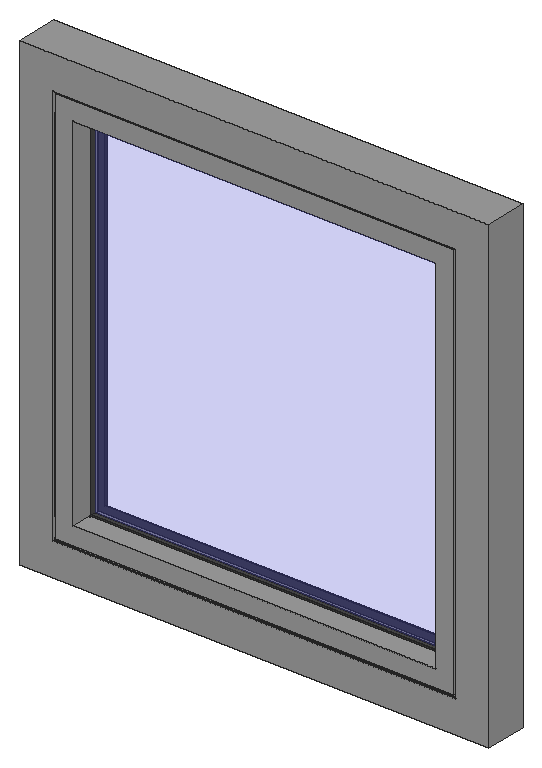
Revit family "SS_3250_LAP OP001_v02", category Windows, host Wall, Revit 2015
Parameters
  Wall Thickness [instance] = 0' - 6"
  URL = "obe.com"
  Rough Width = Width + 0' 0 1/2"  # 3' - 0 1/2"
  Rough Height = Height + 0' 0 1/2"  # 3' - 0 1/2"
  Offset Limitation [instance] = if((Offset + 0' 3 1/4") > Wall Thickness, (Wall Thickness - 0' 3 1/4"), Offset)  # 0' - 0"
  Offset [instance] = 0' - 0"
  Model = "SS_3250_LAP OP001"
  Manufacturer = "Oldcastle BuildingEnvelope®"
  Keynote = "08 51 00"
  Height = 3' - 0"
  Glass = Glass
  Gasket = Gasket
  Frame Material = Aluminium
  Description = "SIGNITURE SERIES 3.25 LAP"
  Default Sill Height = 3' - 0"
  Wall Closure = By host
  Width = 3' - 0"
  Assembly Code = "B2020"
Reference planes (in)
  plane 1 "Center (Front/Back)": y = 0
  plane 2: z = 0
  plane 3 "Center (Left/Right)": x = 0.25
  plane 4 "Left": x = -18
  plane 5 "Right": x = 18.5
  plane 6 "Sill": z = 36
  plane 7 "Top": z = 72.5
  plane 8 "Offset": y = 3
  plane 9: x = 18.25
  plane 10: z = 72.25
  plane 11: x = -17.75
  plane 12: z = 36.25
  plane 13: z = 39.49948
  plane 14: z = 69.00052
  plane 15 "EXT": y = 2.69269
Forms (in)
  Sweep 1, solid, material "Aluminium" <- "Frame Material"
    path origin (0, 3, 0) x (-1, 0, 0) y (0, 0, 1)
      loop
        line (17.75, 36) -> (17.75, 72.5)
    profile origin (-17.75, 3, 54.25) x (1, 0, 0) y (0, 1, 0)
      loop
        line (-0.25, -3.25) -> (2.3125, -3.25) -> (2.3125, -3.17) -> (1.375, -3.17) -> (1.375, 0) -> (-0.25, 0) -> (-0.25, -3.25)
  Sweep 2, solid, material "Aluminium" <- "Frame Material"
    path origin (0, 3, 0) x (-1, 0, 0) y (0, 0, 1)
      loop
        line (-18.25, 36) -> (-18.25, 72.5)
    profile origin (18.25, 3, 54.25) x (1, 0, 0) y (0, 1, 0)
      loop
        line (0.25, -3.25) -> (0.25, 0) -> (-1.36814, 0) -> (-1.36814, -3.17) -> (-2.3125, -3.17) -> (-2.3125, -3.25) -> (0.25, -3.25)
  Sweep 3, solid, material "Aluminium" <- "Frame Material"
    path origin (0, 3, 0) x (-1, 0, 0) y (0, 0, 1)
      loop
        line (-18.5, 72.25) -> (18, 72.25)
    profile origin (0.25, 3, 72.25) x (0, 0, 1) y (0, 1, 0)
      loop
        line (0.25, -3.25) -> (0.25, 0) -> (-1.36814, 0) -> (-1.36814, -3.17) -> (-2.3125, -3.17) -> (-2.3125, -3.25) -> (0.25, -3.25)
  Sweep 4, solid, material "Aluminium" <- "Frame Material"
    path origin (0, 3, 0) x (-1, 0, 0) y (0, 0, 1)
      loop
        line (18, 36.25) -> (-18.5, 36.25)
    profile origin (0.25, 3, 36.25) x (0, 0, -1) y (0, 1, 0)
      loop
        line (0.25, -3.24905) -> (0.25, 0) -> (-1.37501, 0) -> (-1.37501, -3.17048) -> (-2.31156, -3.17048) -> (-2.31156, -3.24905) -> (0.25, -3.24905)
  Extrusion 5, solid, material "Glass" <- "Glass"
    sketch origin (0, 0, 36) x (0, -1, 0) y (1, 0, 0)
      loop
        line (-2.69269, -14.50052) -> (-1.69269, -14.50052) -> (-1.69269, 15.00052) -> (-2.69269, 15.00052) -> (-2.69269, -14.50052)
    from 3.49948 to 33.00052
  Sweep 6, solid, material "Gasket" <- "Gasket", detail levels fine
    path origin (0, 3, 0) x (-1, 0, 0) y (0, 0, 1)
      loop
        line (-14.37552, 68.37552) -> (-14.37552, 40.12448) -> (13.87552, 40.12448) -> (13.87552, 68.37552) -> (-14.37552, 68.37552)
    profile origin (0.25, 3, 68.37552) x (0, 0, 1) y (0, 1, 0)
      loop
        line (-0.15422, -0.30731) -> (0.34093, -0.30731) -> (0.34093, -0.18231) -> (-0.014, -0.18231) -> (-0.014, -0.03319) -> (-0.05125, -0.04456) -> (-0.15422, -0.30731)
      loop
        line (-0.125, -1.30731) -> (-0.03895, -1.58731) -> (-0.00014, -1.58731) -> (-0.01214, -1.50731) -> (0.16121, -1.50731) -> (0.23207, -1.41979) -> (0.37098, -1.30731) -> (-0.125, -1.30731)
  Sweep 7, solid, material "Aluminium" <- "Frame Material"
    path origin (0, 3, 0) x (-1, 0, 0) y (0, 0, 1)
      loop
        line (17.75, 71.11606) -> (17.75, 37.38394)
    profile origin (-17.75, 3, 54.25) x (0, 1, 0) y (-1, 0, 0)
      loop
        line (-0.00831, -3.87448) -> (-0.00831, -2.99948) -> (0.32169, -2.99948) -> (0.32169, -1.13394) -> (0, -1.13394) -> (0, -2.01977) -> (-3.09, -2.01977) -> (-3.09, -2.49948) -> (-3.25, -2.49948) -> (-3.25, -3.87448) -> (-1.50731, -3.87448) -> (-1.50731, -3.24948) -> (-0.18231, -3.24948) -> (-0.18231, -3.87448) -> (-0.00831, -3.87448)
  Sweep 8, solid, material "Aluminium" <- "Frame Material"
    path origin (0, 3, 0) x (-1, 0, 0) y (0, 0, 1)
      loop
        line (-18.25, 71.11606) -> (-18.25, 37.38394)
    profile origin (18.25, 3, 54.25) x (0, 1, 0) y (-1, 0, 0)
      loop
        line (-0.00831, 3.87448) -> (-0.18231, 3.87448) -> (-0.18231, 3.24948) -> (-1.50731, 3.24948) -> (-1.50731, 3.87448) -> (-3.25, 3.87448) -> (-3.25, 2.49948) -> (-3.09, 2.49948) -> (-3.09, 2.01977) -> (0, 2.01977) -> (0, 1.13394) -> (0.32169, 1.13394) -> (0.32169, 2.99948) -> (-0.00831, 2.99948) -> (-0.00831, 3.87448)
  Sweep 9, solid, material "Aluminium" <- "Frame Material"
    path origin (0, 3, 0) x (-1, 0, 0) y (0, 0, 1)
      loop
        line (-17.11606, 72.25) -> (16.61606, 72.25)
    profile origin (0.25, 3, 72.25) x (0, 0, 1) y (0, 1, 0)
      loop
        line (-2.99948, 0.32169) -> (-2.99948, -0.00831) -> (-3.87448, -0.00831) -> (-3.87448, -0.18231) -> (-3.24948, -0.18231) -> (-3.24948, -1.50731) -> (-3.87448, -1.50731) -> (-3.87448, -3.25) -> (-2.49948, -3.25) -> (-2.49948, -3.09) -> (-2.01977, -3.09) -> (-2.01977, 0) -> (-1.13394, 0) -> (-1.13394, 0.32169) -> (-2.99948, 0.32169)
  Sweep 10, solid, material "Aluminium" <- "Frame Material"
    path origin (0, 3, 0) x (-1, 0, 0) y (0, 0, 1)
      loop
        line (-17.11606, 36.25) -> (16.61606, 36.25)
    profile origin (0.25, 3, 36.25) x (0, 0, 1) y (0, 1, 0)
      loop
        line (2.99948, -0.00831) -> (2.99948, 0.32169) -> (1.13394, 0.32169) -> (1.13394, 0) -> (2.01978, 0) -> (2.01978, -3.09) -> (2.49976, -3.09) -> (2.49976, -3.24905) -> (3.87448, -3.24905) -> (3.87448, -1.50731) -> (3.24948, -1.50731) -> (3.24948, -0.18231) -> (3.87448, -0.18231) -> (3.87448, -0.00831) -> (2.99948, -0.00831)
  Sweep 11, void
    path origin (0, 3, 0) x (-1, 0, 0) y (0, 0, 1)
      loop
        line (-15.75052, 72.25) -> (-14.37552, 72.25)
    profile origin (15.06302, 3, 72.25) x (0, 0, 1) y (0, 1, 0)
      loop
        line (-2.49948, -3.25) -> (-2.3125, -3.25) -> (-2.3125, -3.09) -> (-2.49948, -3.09) -> (-2.49948, -3.25)
  Sweep 12, void
    path origin (0, 3, 0) x (-1, 0, 0) y (0, 0, 1)
      loop
        line (-18.5, 69.75052) -> (-18.5, 68.37552)
    profile origin (18.5, 3, 69.06302) x (0, 1, 0) y (-1, 0, 0)
      loop
        line (-3.09, 2.74948) -> (-3.25, 2.74948) -> (-3.25, 2.5625) -> (-3.09, 2.5625) -> (-3.09, 2.74948)
  Sweep 13, void
    path origin (0, 3, 0) x (-1, 0, 0) y (0, 0, 1)
      loop
        line (-18.25, 38.74976) -> (-18.25, 40.12448)
    profile origin (18.25, 3, 39.43712) x (1, 0, 0) y (0, 1, 0)
      loop
        line (-2.49948, -3.24909) -> (-2.314, -3.24909) -> (-2.314, -3.09) -> (-2.49948, -3.09) -> (-2.49948, -3.24909)
  Sweep 14, void
    path origin (0, 3, 0) x (-1, 0, 0) y (0, 0, 1)
      loop
        line (-15.75052, 36.25) -> (-14.37552, 36.25)
    profile origin (15.06302, 3, 36.25) x (0, 0, 1) y (0, 1, 0)
      loop
        line (2.49976, -3.24993) -> (2.49976, -3.09) -> (2.31156, -3.09) -> (2.31156, -3.24993) -> (2.49976, -3.24993)
  Sweep 15, void
    path origin (0, 3, 0) x (-1, 0, 0) y (0, 0, 1)
      loop
        line (13.87552, 36.25) -> (15.25052, 36.25)
    profile origin (-14.56302, 3, 36.25) x (0, 0, 1) y (0, 1, 0)
      loop
        line (2.49976, -3.09) -> (2.31156, -3.09) -> (2.31156, -3.24994) -> (2.49976, -3.24994) -> (2.49976, -3.09)
  Sweep 16, void
    path origin (0, 3, 0) x (-1, 0, 0) y (0, 0, 1)
      loop
        line (17.75, 38.74976) -> (17.75, 40.12448)
    profile origin (-17.75, 3, 39.43712) x (1, 0, 0) y (0, 1, 0)
      loop
        line (2.3125, -3.24987) -> (2.49948, -3.24987) -> (2.49948, -3.09) -> (2.3125, -3.09) -> (2.3125, -3.24987)
  Sweep 17, void
    path origin (0, 3, 0) x (-1, 0, 0) y (0, 0, 1)
      loop
        line (17.75, 69.75052) -> (17.75, 68.37552)
    profile origin (-17.75, 3, 69.06302) x (0, 1, 0) y (-1, 0, 0)
      loop
        line (-3.09, -2.3125) -> (-3.24987, -2.3125) -> (-3.24987, -2.49948) -> (-3.09, -2.49948) -> (-3.09, -2.3125)
  Sweep 18, void
    path origin (0, 3, 0) x (-1, 0, 0) y (0, 0, 1)
      loop
        line (13.87552, 72.25) -> (15.25052, 72.25)
    profile origin (-14.56302, 3, 72.25) x (0, 0, 1) y (0, 1, 0)
      loop
        line (-2.49948, -3.09) -> (-2.49948, -3.25) -> (-2.3125, -3.25) -> (-2.3125, -3.09) -> (-2.49948, -3.09)
  Sweep 19, void
    path origin (0, 3, 0) x (-1, 0, 0) y (0, 0, 1)
      loop
        line (-14.37552, 72.25) -> (-15.75052, 72.25)
    profile origin (15.06302, 3, 72.25) x (0, 0, -1) y (0, 1, 0)
      loop
        line (2.49948, -3.25) -> (2.49948, -3.09722) -> (2.314, -3.09722) -> (2.314, -3.25) -> (2.49948, -3.25)
Cuts and joins
  Sweep 11, Sweep 12, Sweep 13, Sweep 14, Sweep 15, Sweep 16, Sweep 17, Sweep 18 cuts Sweep 1
  Sweep 11, Sweep 12, Sweep 13, Sweep 14, Sweep 15, Sweep 16, Sweep 17, Sweep 18 cuts Sweep 2
  Sweep 11, Sweep 12, Sweep 13, Sweep 14, Sweep 15, Sweep 16, Sweep 17, Sweep 18 cuts Sweep 3
  Sweep 11, Sweep 12, Sweep 13, Sweep 14, Sweep 15, Sweep 16, Sweep 17, Sweep 18 cuts Sweep 4
  Sweep 11, Sweep 12, Sweep 13, Sweep 14, Sweep 15, Sweep 16, Sweep 17, Sweep 18 cuts Sweep 7
  Sweep 11, Sweep 12, Sweep 13, Sweep 14, Sweep 15, Sweep 16, Sweep 17, Sweep 18 cuts Sweep 8
  Sweep 11, Sweep 12, Sweep 13, Sweep 14, Sweep 15, Sweep 16, Sweep 17, Sweep 18 cuts Sweep 9
  Sweep 11, Sweep 12, Sweep 13, Sweep 14, Sweep 15, Sweep 16, Sweep 17, Sweep 18 cuts Sweep 10
  joined: Sweep 1, Sweep 2, Sweep 3, Sweep 4, Sweep 7, Sweep 8, Sweep 9, Sweep 10
Lines and regions (in)
  Opening 1
    outline origin (-60, -3, 0) x (1, 0, 0) y (0, 0, 1)
      loop
        line (42, 72.5) -> (42, 36) -> (78.5, 36) -> (78.5, 72.5) -> (42, 72.5)
  model lines, style "Opening Direction"
    curve 1: line (0.25, 2.69269, 68.37552) -> (14.37552, 2.69269, 40.12448)
    curve 2: line (0.25, 2.69269, 68.37552) -> (-13.87552, 2.69269, 40.12448)
Text (in)
  text "EXTERIOR" at (-58.6888, 50.90694, 0), in view "Ref. Level"
  text "INTERIOR" at (-58.6888, -37.76638, 0), in view "Ref. Level"
  text "Exterior" at (0, 43.65631, 123.19604), in view "Left"
  text "Exterior" at (0, 18.29385, 125.04747), in view "Right"
  text "Min Operable Size\n\n14\" width x 18\" height\n\n\n\nMax Operable Size\n\n72\" x 72\"\n\n\n\nMax Operable Area\n\n24 square feet" at (91.9935, 65.74376, 0), in view "Ref. Level"
Dimensions and locks (in)
  "Rough Width": plane 4 "Left" to plane 5 "Right"
  "Rough Height": plane 6 "Sill" to plane 7 "Top"
  "Default Sill Height": plane 2 to plane 6 "Sill"
  "Wall Thickness": host wall to host wall
  "Offset Limitation": host wall to plane 8 "Offset"
  locked: plane 9 to plane 5 "Right" at 0.25
  locked: plane 10 to plane 7 "Top" at 0.25
  "Height": plane 12 to plane 10
  "Width": plane 11 to plane 9
  locked: plane 14 to plane 10 at 3.24948
  locked: plane 12 to plane 13 at 3.24948
  plane 8 "Offset" to Extrusion 5 sketch curve to Extrusion 5 sketch curve = 0' - 0.30731" locked, 0' - 1" locked
  equal spacing: plane 4 "Left", plane 3 "Center (Left/Right)", plane 5 "Right"
  locked: plane 11 to Sweep 9 sketch curve at 1.13394
  locked: Sweep 9 sketch curve to plane 9 at 1.13394
  locked: plane 11 to Sweep 10 sketch curve at 1.13394
  locked: Sweep 10 sketch curve to plane 9 at 1.13394
  locked: plane 12 to Sweep 8 sketch curve at 1.13394
  locked: Sweep 8 sketch curve to plane 10 at 1.13394
  locked: plane 12 to Sweep 7 sketch curve at 1.13394
  locked: Sweep 7 sketch curve to plane 10 at 1.13394
  plane 6 "Sill" to plane 7 "Top" = 3' - 0 1/2"
  locked: plane 15 "EXT" to plane 8 "Offset" at 0.30731
  aligned and locked: plane 7 "Top" to Opening 1 sketch curve
  aligned and locked: plane 6 "Sill" to Opening 1 sketch curve  (x2)
  aligned and locked: plane 5 "Right" to Opening 1 sketch curve
  aligned and locked: plane 4 "Left" to Opening 1 sketch curve
  aligned and locked: level to plane 2
  aligned and locked: plane 13 to Extrusion 5
  aligned and locked: Extrusion 5 to plane 14
  aligned and locked: Sweep 7 sketch curve to plane 11
  aligned and locked: Sweep 8 sketch curve to plane 9
  aligned and locked: plane 10 to Sweep 9 sketch curve
  aligned and locked: plane 12 to Sweep 10 sketch curve
  aligned and locked: plane 3 "Center (Left/Right)" to curve 2
Automatic sketch dimensions
  Sweep 1 sketch curve to plane 8 "Offset" = 0' - 0"
  profile plane to Sweep 1 sketch curve = 0' - 0 1/4"
  profile plane to Sweep 2 sketch curve = 0' - 1.36814"
  Sweep 2 sketch curve to profile plane = 0' - 0 1/4"
  Sweep 2 sketch curve to Sweep 2 sketch curve = 0' - 3 1/4"
  plane 9 to Extrusion 5 sketch curve = 0' - 3.24948"
  Extrusion 5 sketch curve to plane 11 = 0' - 3.24948"
  Sweep 3 sketch curve to profile plane = 0' - 0 1/4"
  Sweep 3 sketch curve to Sweep 3 sketch curve = 0' - 3 1/4"
  Sweep 6 sketch curve to plane 11 = 0' - 3.87448"
  plane 14 to Sweep 6 sketch curve = 0' - 0 5/8"
  plane 9 to Sweep 6 sketch curve = 0' - 3.87448"
  Sweep 6 sketch curve to plane 13 = 0' - 0 5/8"
  profile plane to Sweep 6 sketch curve = 0' - 0.15422"
  profile plane to Sweep 6 sketch curve = 0' - 0 1/8"
  profile plane to Sweep 6 sketch curve = 0' - 0.05125"
  profile plane to Sweep 6 sketch curve = 0' - 0.014"
  profile plane to Sweep 6 sketch curve = 0' - 0.01214"
  Sweep 6 sketch curve to profile plane = 0' - 0.16121"
  Sweep 6 sketch curve to Sweep 6 sketch curve = 0' - 0.07087"
  Sweep 6 sketch curve to profile plane = 0' - 0.34093"
  Sweep 6 sketch curve to Sweep 6 sketch curve = 0' - 0.13891"
  Sweep 6 sketch curve to plane 8 "Offset" = 0' - 1.50731"
  Sweep 6 sketch curve to Sweep 6 sketch curve = 0' - 0.08751"
  Sweep 6 sketch curve to Sweep 6 sketch curve = 0' - 0.2"
  Sweep 6 sketch curve to plane 8 "Offset" = 0' - 0.30731"
  Sweep 6 sketch curve to plane 8 "Offset" = 0' - 0.18231"
  Sweep 6 sketch curve to plane 8 "Offset" = 0' - 0.04456"
  Sweep 6 sketch curve to plane 8 "Offset" = 0' - 0.03319"
  profile plane to Sweep 6 sketch curve = 0' - 0.03895"
  profile plane to Sweep 6 sketch curve = 0' - 0.00014"
  Sweep 6 sketch curve to Sweep 6 sketch curve = 0' - 0.08"
  plane 5 "Right" to Sweep 3 sketch curve = 0' - 0"
  plane 4 "Left" to Sweep 3 sketch curve = 0' - 0"
  Sweep 3 sketch curve to plane 10 = 0' - 0"
  Sweep 1 sketch curve to plane 7 "Top" = 0' - 0"
  plane 11 to Sweep 1 sketch curve = 0' - 0"
  Sweep 1 sketch curve to plane 6 "Sill" = 0' - 0"
  Sweep 2 sketch curve to plane 7 "Top" = 0' - 0"
  plane 9 to Sweep 2 sketch curve = 0' - 0"
  Sweep 2 sketch curve to plane 6 "Sill" = 0' - 0"
  plane 5 "Right" to Sweep 4 sketch curve = 0' - 0"
  plane 4 "Left" to Sweep 4 sketch curve = 0' - 0"
  Sweep 4 sketch curve to plane 12 = 0' - 0"
  Sweep 2 sketch curve to Sweep 2 sketch curve = 0' - 0.94436"
  Sweep 2 sketch curve to plane 8 "Offset" = 0' - 0"
  Sweep 2 sketch curve to Sweep 2 sketch curve = 0' - 0.08"
  Sweep 1 sketch curve to profile plane = 0' - 1 3/8"
  Sweep 1 sketch curve to Sweep 1 sketch curve = 0' - 0.08"
  Sweep 1 sketch curve to Sweep 1 sketch curve = 0' - 0 15/16"
  Sweep 1 sketch curve to Sweep 1 sketch curve = 0' - 3.17"
  profile plane to Sweep 3 sketch curve = 0' - 1.36814"
  Sweep 3 sketch curve to Sweep 3 sketch curve = 0' - 0.94436"
  Sweep 3 sketch curve to plane 8 "Offset" = 0' - 0"
  Sweep 3 sketch curve to Sweep 3 sketch curve = 0' - 0.08"
  Sweep 4 sketch curve to plane 8 "Offset" = 0' - 0"
  profile plane to Sweep 4 sketch curve = 0' - 2.31156"
  Sweep 4 sketch curve to profile plane = 0' - 0 1/4"
  Sweep 4 sketch curve to plane 8 "Offset" = 0' - 3.17048"
  Sweep 4 sketch curve to Sweep 4 sketch curve = 0' - 0.07857"
  Sweep 4 sketch curve to Sweep 4 sketch curve = 0' - 0.93655"
  Sweep 7 sketch curve to Sweep 7 sketch curve = 0' - 1.325"
  Sweep 7 sketch curve to Sweep 7 sketch curve = 0' - 0"
  profile plane to Sweep 7 sketch curve = 0' - 2.49948"
  plane 8 "Offset" to Sweep 7 sketch curve = 0' - 0.32169"
  Sweep 7 sketch curve to plane 8 "Offset" = 0' - 0.00831"
  Sweep 7 sketch curve to Sweep 7 sketch curve = 0' - 0.88583"
  plane 8 "Offset" to Sweep 7 sketch curve = 0' - 0"
  Sweep 7 sketch curve to plane 8 "Offset" = 0' - 1.50731"
  Sweep 7 sketch curve to Sweep 7 sketch curve = 0' - 0.97971"
  Sweep 7 sketch curve to Sweep 7 sketch curve = 0' - 0 1/4"
  Sweep 7 sketch curve to Sweep 7 sketch curve = 0' - 0 5/8"
  Sweep 8 sketch curve to plane 8 "Offset" = 0' - 0.00831"
  Sweep 8 sketch curve to profile plane = 0' - 3.87448"
  Sweep 8 sketch curve to Sweep 8 sketch curve = 0' - 0.174"
  Sweep 8 sketch curve to Sweep 8 sketch curve = 0' - 3.06769"
  Sweep 8 sketch curve to Sweep 8 sketch curve = 0' - 0"
  Sweep 8 sketch curve to Sweep 8 sketch curve = 0' - 1.325"
  Sweep 8 sketch curve to Sweep 8 sketch curve = 0' - 0 1/4"
  Sweep 8 sketch curve to Sweep 8 sketch curve = 0' - 0 5/8"
  plane 8 "Offset" to Sweep 8 sketch curve = 0' - 0"
  plane 8 "Offset" to Sweep 8 sketch curve = 0' - 0.32169"
  Sweep 8 sketch curve to profile plane = 0' - 1.13394"
  Sweep 8 sketch curve to Sweep 8 sketch curve = 0' - 0.88583"
  plane 8 "Offset" to Sweep 9 sketch curve = 0' - 0.32169"
  profile plane to Sweep 9 sketch curve = 0' - 1.13394"
  Sweep 9 sketch curve to Sweep 9 sketch curve = 0' - 1.86554"
  plane 8 "Offset" to Sweep 9 sketch curve = 0' - 0"
  Sweep 9 sketch curve to Sweep 9 sketch curve = 0' - 0.88583"
  Sweep 9 sketch curve to plane 8 "Offset" = 0' - 0.00831"
  Sweep 9 sketch curve to Sweep 9 sketch curve = 0' - 0 7/8"
  Sweep 9 sketch curve to Sweep 9 sketch curve = 0' - 0.174"
  Sweep 9 sketch curve to Sweep 9 sketch curve = 0' - 0"
  Sweep 9 sketch curve to Sweep 9 sketch curve = 0' - 3.06769"
  Sweep 9 sketch curve to plane 8 "Offset" = 0' - 1.50731"
  Sweep 9 sketch curve to Sweep 9 sketch curve = 0' - 0 5/8"
  Sweep 7 sketch curve to Sweep 7 sketch curve = 0' - 0.47971"
  Sweep 7 sketch curve to Sweep 7 sketch curve = 0' - 1.74269"
  Sweep 7 sketch curve to Sweep 7 sketch curve = 0' - 0.16"
  Sweep 8 sketch curve to Sweep 8 sketch curve = 0' - 0.16"
  Sweep 8 sketch curve to Sweep 8 sketch curve = 0' - 0.47971"
  Sweep 9 sketch curve to Sweep 9 sketch curve = 0' - 0.47971"
  Sweep 9 sketch curve to Sweep 9 sketch curve = 0' - 0.16"
  plane 8 "Offset" to Sweep 10 sketch curve = 0' - 0.32169"
  Sweep 10 sketch curve to profile plane = 0' - 1.13394"
  plane 8 "Offset" to Sweep 10 sketch curve = 0' - 0"
  Sweep 10 sketch curve to Sweep 10 sketch curve = 0' - 0.88584"
  Sweep 10 sketch curve to Sweep 10 sketch curve = 0' - 0.9797"
  Sweep 10 sketch curve to Sweep 10 sketch curve = 0' - 0 1/4"
  Sweep 10 sketch curve to plane 8 "Offset" = 0' - 0.18231"
  Sweep 10 sketch curve to Sweep 10 sketch curve = 0' - 0 5/8"  (x2)
  Sweep 10 sketch curve to Sweep 10 sketch curve = 0' - 1.325"
  Sweep 10 sketch curve to Sweep 10 sketch curve = 0' - 1.58269"
  Sweep 10 sketch curve to plane 8 "Offset" = 0' - 0.00831"
  Sweep 10 sketch curve to Sweep 10 sketch curve = 0' - 0.47998"
  Sweep 10 sketch curve to Sweep 10 sketch curve = 0' - 0.15905"
  Sweep 11 sketch curve to plane 10 = 0' - 0"
  Sweep 11 sketch curve to plane 8 "Offset" = 0' - 3.09"
  Sweep 11 sketch curve to Sweep 11 sketch curve = 0' - 0.18698"
  Sweep 11 sketch curve to Sweep 11 sketch curve = 0' - 0.16"
  profile plane to Sweep 11 sketch curve = 0' - 2 5/16"
  Sweep 11 sketch curve to plane 11 = 2' - 8.12552"
  plane 9 to Sweep 11 sketch curve = 0' - 2.49948"
  plane 5 "Right" to Sweep 12 sketch curve = 0' - 0"
  plane 14 to Sweep 12 sketch curve = 0' - 0 5/8"
  Sweep 12 sketch curve to plane 14 = 0' - 0 3/4"
  Sweep 12 sketch curve to plane 8 "Offset" = 0' - 3.09"
  Sweep 12 sketch curve to profile plane = 0' - 2 9/16"
  Sweep 12 sketch curve to Sweep 12 sketch curve = 0' - 0.16"
  Sweep 12 sketch curve to Sweep 12 sketch curve = 0' - 0.18698"
  plane 9 to Sweep 13 sketch curve = 0' - 0"
  plane 13 to Sweep 13 sketch curve = 0' - 0.74972"
  Sweep 13 sketch curve to plane 13 = 0' - 0 5/8"
  profile plane to Sweep 13 sketch curve = 0' - 2.49948"
  Sweep 13 sketch curve to Sweep 13 sketch curve = 0' - 0.18549"
  Sweep 13 sketch curve to plane 8 "Offset" = 0' - 3.24909"
  Sweep 13 sketch curve to Sweep 13 sketch curve = 0' - 0.15909"
  Sweep 14 sketch curve to plane 12 = 0' - 0"
  plane 9 to Sweep 14 sketch curve = 0' - 2.49948"
  Sweep 14 sketch curve to Sweep 14 sketch curve = 0' - 1 3/8"
  Sweep 14 sketch curve to profile plane = 0' - 2.31156"
  Sweep 14 sketch curve to Sweep 14 sketch curve = 0' - 0.1882"
  Sweep 14 sketch curve to plane 8 "Offset" = 0' - 3.24993"
  Sweep 14 sketch curve to Sweep 14 sketch curve = 0' - 0.15993"
  Sweep 15 sketch curve to plane 12 = 0' - 0"
  Sweep 15 sketch curve to plane 11 = 0' - 3.87448"
  Sweep 15 sketch curve to Sweep 15 sketch curve = 0' - 1 3/8"
  Sweep 15 sketch curve to profile plane = 0' - 2.31156"
  Sweep 15 sketch curve to Sweep 15 sketch curve = 0' - 0.1882"
  Sweep 15 sketch curve to plane 8 "Offset" = 0' - 3.24994"
  Sweep 15 sketch curve to Sweep 15 sketch curve = 0' - 0.15994"
  plane 11 to Sweep 16 sketch curve = 0' - 0"
  plane 13 to Sweep 16 sketch curve = 0' - 0.74972"
  Sweep 16 sketch curve to plane 13 = 0' - 0 5/8"
  Sweep 16 sketch curve to profile plane = 0' - 2 5/16"
  Sweep 16 sketch curve to Sweep 16 sketch curve = 0' - 0.18698"
  Sweep 16 sketch curve to plane 8 "Offset" = 0' - 3.24987"
  Sweep 16 sketch curve to Sweep 16 sketch curve = 0' - 0.15987"
  plane 11 to Sweep 17 sketch curve = 0' - 0"
  plane 14 to Sweep 17 sketch curve = 0' - 0 5/8"
  Sweep 17 sketch curve to plane 14 = 0' - 0 3/4"
  Sweep 17 sketch curve to plane 8 "Offset" = 0' - 3.24987"
  Sweep 17 sketch curve to Sweep 17 sketch curve = 0' - 0.15987"
  profile plane to Sweep 17 sketch curve = 0' - 2.49948"
  Sweep 17 sketch curve to Sweep 17 sketch curve = 0' - 0.18698"
  Sweep 18 sketch curve to plane 10 = 0' - 0"
  Sweep 18 sketch curve to plane 11 = 0' - 3.87448"
  Sweep 18 sketch curve to Sweep 18 sketch curve = 0' - 1 3/8"
  profile plane to Sweep 18 sketch curve = 0' - 2.49948"
  Sweep 18 sketch curve to Sweep 18 sketch curve = 0' - 0.18698"
  Sweep 18 sketch curve to plane 8 "Offset" = 0' - 3 1/4"
  Sweep 18 sketch curve to Sweep 18 sketch curve = 0' - 0.16"
  curve 1 to plane 13 = 0' - 0 5/8"
  curve 2 to plane 13 = 0' - 0 5/8"
  curve 2 to plane 11 = 0' - 3.87448"
  plane 9 to curve 1 = 0' - 3.87448"
  plane 14 to curve 2 = 0' - 0 5/8"
  Sweep 19 sketch curve to plane 10 = 0' - 0"
  plane 9 to Sweep 19 sketch curve = 0' - 2.49948"
  Sweep 19 sketch curve to Sweep 19 sketch curve = 0' - 1 3/8"
  Sweep 19 sketch curve to profile plane = 0' - 2.314"
  Sweep 19 sketch curve to Sweep 19 sketch curve = 0' - 0.18549"
  Sweep 19 sketch curve to plane 8 "Offset" = 0' - 3 1/4"
  Sweep 19 sketch curve to Sweep 19 sketch curve = 0' - 0.15278"
